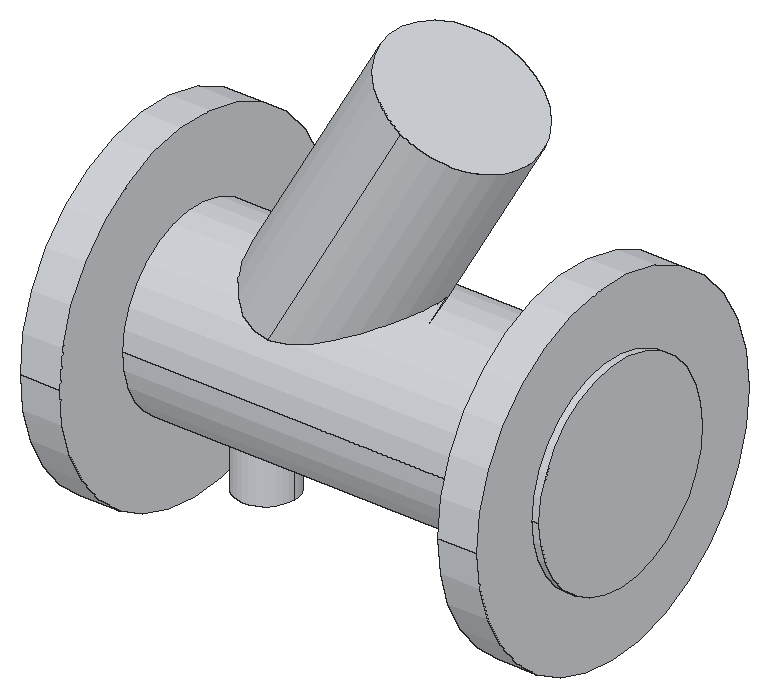
Revit family "HS 821-síto_standard-PN25-DN050-RFA_2019", category Pipe Accessories, Revit 2019
Family settings
  Round Connector Dimension = Use Diameter
  Part Type = Breaks Into
  Work Plane-Based = No
  Always vertical = Yes
  Cut with Voids When Loaded = No
  Shared = No
Parameters (values of type "821D-DN050-PN25-síto_standard")
  magiProductId = "5483b1f596b04cd39b23a14a22c90e"
  magiProductFamilyId = "79214ac3aaa945e397802f559f5c1e"
  magiPartTypeId = 307
  isMeasuringValve [instance] = no
  ang2D [instance] = 0.00°
  ZB__ve = -ZB  # -26.75 mm
  ZB1 = 40.095 mm
  ZB = 26.75 mm
  X2 = 79.061 mm
  X1 = 32.2 mm
  W2D = 15 mm
  VersionID = "2.0/2017.9.26.1/ZETKAMA_821_001"
  Use Minimum Symbol Size [instance] = yes
  URL = "www.hydronic.cz"
  Type Comments = "Filtr přírubový; síto standardní; A-PN16 (-10~300°C); D-PN25 (-10~350°C); F-PN40 (-10~400°C)"
  S = 99 mm
  QmdConnectorList = "301;D;302;D"
  Productdata [instance] = ""
  Manufacturer = "Hydronic Systems Prague s.r.o."
  MC Product Code = "200 250 (821D; DN050; PN25; kvs57,9; oko síta 1,00mm)"
  LM1 = 18.4 mm
  LM = 184 mm
  L4 = 57.5 mm
  L2D_Min = 3048 mm
  L2D = 130 mm
  L2 = 115 mm
  HH2 = 136.938 mm
  FD = 165 mm
  Description = "Filtr přírubový; síto standardní; 821A-PN16; 821D-PN25; 821F-PN40"
  DM1 = 73.8 mm
  DM = 89.1 mm
  D = 50 mm
  CC = 3.91 mm
  CAT0 = yes
  C1 = 19.09 mm
  C = 23 mm
  BD = 28.066 mm
Types (40, lengths in mm): name | magiProductId | ZB__ve | ZB1 | ZB | X2 | X1 | S | MC Product Code | LM1 | LM | L4 | L2 | HH2 | FD | DM1 | DM | D | CC | C1 | C | BD
  821A-DN015-PN16-síto_standard | "a71bcfe8b393460598b23e8ddf7dc5" | -16.25 | 18.63 | 16.25 | 46.982 | 18.2 | 46 | "200 115 (821A; DN015; PN16; kvs6,3; oko síta 1,00mm)" | 10.4 | 104 | 32.5 | 65 | 81.375 | 95 | 27.6 | 41.4 | 15 | 2.21 | 10.79 | 13 | 13.041
  821A-DN020-PN16-síto_standard | "41cd6c7a12924f4991217528336076" | -17.75 | 22.68 | 17.75 | 51.673 | 21 | 56 | "200 120 (821A; DN020; PN16; kvs11,2; oko síta 1,00mm)" | 12 | 120 | 37.5 | 75 | 89.5 | 105 | 33.6 | 50.4 | 20 | 2.55 | 12.45 | 15 | 15.876
  821A-DN025-PN16-síto_standard | "be378b463ed14c3abf4c9b3ae8cf3a" | -19.25 | 26.325 | 19.25 | 58.601 | 22.4 | 65 | "200 125 (821A; DN025; PN16; kvs14,7; oko síta 1,00mm)" | 12.8 | 128 | 40 | 80 | 101.5 | 115 | 43.2 | 58.5 | 25 | 2.72 | 13.28 | 16 | 18.427
  821A-DN032-PN16-síto_standard | "227a0d18b21540afabe8b6067d35fa" | -23 | 30.78 | 23 | 68.849 | 25.2 | 76 | "200 132 (821A; DN032; PN16; kvs23,7; oko síta 1,00mm)" | 14.4 | 144 | 45 | 90 | 119.25 | 140 | 50.4 | 68.4 | 32 | 3.06 | 14.94 | 18 | 21.546
  821A-DN040-PN16-síto_standard | "d106917c74724141a10440112d0102" | -24.5 | 34.02 | 24.5 | 75.777 | 28 | 84 | "200 140 (821A; DN040; PN16; kvs37,7; oko síta 1,00mm)" | 16 | 160 | 50 | 100 | 131.25 | 150 | 60 | 75.6 | 40 | 3.4 | 16.6 | 20 | 23.814
  821A-DN050-PN16-síto_standard | "8255d456a09e4f6486734f5dd9171b" | -26.75 | 40.095 | 26.75 | 79.061 | 32.2 | 99 | "200 150 (821A; DN050 PN16; kvs57,9; oko síta 1,00mm)" | 18.4 | 184 | 57.5 | 115 | 136.938 | 165 | 73.8 | 89.1 | 50 | 3.91 | 19.09 | 23 | 28.066
  821A-DN065-PN16-síto_standard | "235b1b3e4c0843779a4d5e3716d40a" | -29.75 | 47.79 | 29.75 | 86.927 | 40.6 | 118 | "200 165 (821A; DN065; PN16; kvs101,5; oko síta 1,25mm)" | 23.2 | 232 | 72.5 | 145 | 150.562 | 185 | 94.2 | 106.2 | 65 | 4.93 | 24.07 | 29 | 33.453
  821A-DN080-PN16-síto_standard | "a067f7c5236348ed8c820d16df7214" | -32 | 53.46 | 32 | 104.753 | 43.4 | 132 | "200 180 (821A; DN080; PN16; kvs147,4; oko síta 1,25mm)" | 24.8 | 248 | 77.5 | 155 | 181.438 | 200 | 107.4 | 118.8 | 80 | 5.27 | 25.73 | 31 | 37.422
  821A-DN100-PN16-síto_standard | "c49a648c2747461285837d643703cd" | -35 | 63.18 | 35 | 114.857 | 49 | 156 | "200 190 (821A; DN100; PN16; kvs209,6; oko síta 1,60mm)" | 28 | 280 | 87.5 | 175 | 198.937 | 220 | 131.4 | 140.4 | 100 | 5.95 | 29.05 | 35 | 44.226
  821A-DN125-PN16-síto_standard | "bf68e728a163493cbd2a663b26ebdc" | -39.5 | 74.52 | 39.5 | 131.888 | 56 | 184 | "200 191 (821A; DN125; PN16; kvs326,2; oko síta 1,60mm)" | 32 | 320 | 100 | 200 | 228.438 | 250 | 165 | 165.6 | 125 | 6.8 | 33.2 | 40 | 52.164
  821A-DN150-PN16-síto_standard | "2de770284b654863ae6bc865769dc5" | -44.75 | 85.455 | 44.75 | 155.885 | 67.2 | 211 | "200 192 (821A; DN150; PN16; kvs403; oko síta 1,60mm)" | 38.4 | 384 | 120 | 240 | 270 | 285 | 192 | 189.9 | 150 | 8.16 | 39.84 | 48 | 59.818
  821A-DN200-PN16-síto_standard | "8e5693371ab64aabb29a7f08c76e15" | -53 | 107.73 | 53 | 188.361 | 84 | 266 | "200 193 (821A; DN200; PN16; kvs707; oko síta 1,60mm)" | 48 | 480 | 150 | 300 | 326.25 | 340 | 252 | 239.4 | 200 | 10.2 | 49.8 | 60 | 75.411
  821A-DN250-PN16-síto_standard | "05e37ed948c34047acdd4c42556504" | -62.75 | 129.195 | 62.75 | 255.911 | 102.2 | 319 | "200 194 (821A; DN250; PN16; kvs1234; oko síta 1,60mm)" | 58.4 | 584 | 182.5 | 365 | 443.25 | 405 | 309.6 | 287.1 | 250 | 12.41 | 60.59 | 73 | 90.436
  821A-DN300-PN16-síto_standard | "9ad0af747269428da925480d83ce80" | -71 | 149.85 | 71 | 325.914 | 119 | 370 | "200 195 (821A; DN300; PN16; kvs1916; oko síta 1,60mm)" | 68 | 680 | 212.5 | 425 | 564.5 | 460 | 369.6 | 333 | 300 | 14.45 | 70.55 | 85 | 104.895
  821A-DN350-PN16-síto_standard | "eebc71459bb3451bb4355e7951370a" | -80 | 173.745 | 80 | 356.875 | 137.2 | 429 | "200 196 (821A; DN350; PN16; kvs2621; oko síta 1,60mm)" | 78.4 | 784 | 245 | 490 | 618.125 | 520 | 438 | 386.1 | 350 | 16.66 | 81.34 | 98 | 121.621
  821A-DN400-PN16-síto_standard | "d2f677cb196647e385b2590e7d8abe" | -89 | 194.4 | 89 | 392.237 | 154 | 480 | "200 197 (821A; DN400; PN16; kvs3460; oko síta 1,60mm)" | 88 | 880 | 275 | 550 | 679.375 | 580 | 498 | 432 | 400 | 18.7 | 91.3 | 110 | 136.08
  821D-DN015-PN25-síto_standard | "27ddcbf555414f8ca1fde329bf9087" | -16.25 | 18.63 | 16.25 | 46.982 | 18.2 | 46 | "200 215 (821D; DN015; PN25; kvs6,3; oko síta 1,00mm)" | 10.4 | 104 | 32.5 | 65 | 81.375 | 95 | 27.6 | 41.4 | 15 | 2.21 | 10.79 | 13 | 13.041
  821D-DN020-PN25-síto_standard | "270e0f14012f47189cd0235c18faee" | -17.75 | 22.68 | 17.75 | 51.673 | 21 | 56 | "200 220 (821D; DN020; PN25; kvs11,2; oko síta 1,00mm)" | 12 | 120 | 37.5 | 75 | 89.5 | 105 | 33.6 | 50.4 | 20 | 2.55 | 12.45 | 15 | 15.876
  821D-DN025-PN25-síto_standard | "b9a7fb4aa36643878c637d8e1ab992" | -19.25 | 26.325 | 19.25 | 58.601 | 22.4 | 65 | "200 225 (821D; DN025; PN25; kvs14,7; oko síta 1,00mm)" | 12.8 | 128 | 40 | 80 | 101.5 | 115 | 43.2 | 58.5 | 25 | 2.72 | 13.28 | 16 | 18.427
  821D-DN032-PN25-síto_standard | "6be9a55c4e68400f94eec7e804204c" | -23 | 30.78 | 23 | 68.849 | 25.2 | 76 | "200 232 (821D; DN032; PN25; kvs23,7; oko síta 1,00mm)" | 14.4 | 144 | 45 | 90 | 119.25 | 140 | 50.4 | 68.4 | 32 | 3.06 | 14.94 | 18 | 21.546
  821D-DN040-PN25-síto_standard | "c54511bd7f584ec2984291479612cb" | -24.5 | 34.02 | 24.5 | 75.777 | 28 | 84 | "200 240 (821D; DN040; PN25; kvs37,7; oko síta 1,00mm)" | 16 | 160 | 50 | 100 | 131.25 | 150 | 60 | 75.6 | 40 | 3.4 | 16.6 | 20 | 23.814
  821D-DN050-PN25-síto_standard | "5483b1f596b04cd39b23a14a22c90e" | -26.75 | 40.095 | 26.75 | 79.061 | 32.2 | 99 | "200 250 (821D; DN050; PN25; kvs57,9; oko síta 1,00mm)" | 18.4 | 184 | 57.5 | 115 | 136.938 | 165 | 73.8 | 89.1 | 50 | 3.91 | 19.09 | 23 | 28.066
  821D-DN065-PN25-síto_standard | "767b0f8318e94750bc7a9930ed5b30" | -29.75 | 47.79 | 29.75 | 86.927 | 40.6 | 118 | "200 265 (821D; DN065; PN25; kvs101,5; oko síta 1,25mm)" | 23.2 | 232 | 72.5 | 145 | 150.562 | 185 | 94.2 | 106.2 | 65 | 4.93 | 24.07 | 29 | 33.453
  821D-DN080-PN25-síto_standard | "e21040fa3cc2404b858198f6b73709" | -32 | 53.46 | 32 | 104.753 | 43.4 | 132 | "200 280 (821D; DN080; PN25; kvs147,4; oko síta 1,25mm)" | 24.8 | 248 | 77.5 | 155 | 181.438 | 200 | 107.4 | 118.8 | 80 | 5.27 | 25.73 | 31 | 37.422
  821D-DN100-PN25-síto_standard | "175ca87a506b40b3bc6b82f12f33cf" | -37.25 | 63.18 | 37.25 | 114.857 | 49 | 156 | "200 290 (821D; DN100; PN25; kvs209,6; oko síta 1,60mm)" | 28 | 280 | 87.5 | 175 | 198.937 | 235 | 131.4 | 140.4 | 100 | 5.95 | 29.05 | 35 | 44.226
  821D-DN125-PN25-síto_standard | "77cc98d60da24855999a22dff726b2" | -42.5 | 74.52 | 42.5 | 131.888 | 56 | 184 | "200 291 (821D; DN125; PN25; kvs326,2; oko síta 1,60mm)" | 32 | 320 | 100 | 200 | 228.438 | 270 | 165 | 165.6 | 125 | 6.8 | 33.2 | 40 | 52.164
  821D-DN150-PN25-síto_standard | "9cf8acfcd15547d68e83172d3abcbe" | -47 | 85.455 | 47 | 155.885 | 67.2 | 211 | "200 292 (821D; DN150; PN25; kvs403; oko síta 1,60mm)" | 38.4 | 384 | 120 | 240 | 270 | 300 | 192 | 189.9 | 150 | 8.16 | 39.84 | 48 | 59.818
  821D-DN200-PN25-síto_standard | "16973f3c9ea14389ba8602495a6b64" | -56 | 110.97 | 56 | 188.361 | 84 | 274 | "200 293 (821D; DN200; PN25; kvs707; oko síta 1,60mm)" | 48 | 480 | 150 | 300 | 326.25 | 360 | 252 | 246.6 | 200 | 10.2 | 49.8 | 60 | 77.679
  821F-DN015-PN40-síto_standard | "4c7eaf3c4c0340888b3e684d8a8616" | -16.25 | 18.225 | 16.25 | 46.982 | 18.2 | 45 | "240 615 (821F; DN015; PN40; kvs6,3; oko síta 1,00mm)" | 10.4 | 104 | 32.5 | 65 | 81.375 | 95 | 27.6 | 40.5 | 15 | 2.21 | 10.79 | 13 | 12.757
  821F-DN020-PN40-síto_standard | "aaac5f1ec96b44d6ba96ac2293d66d" | -17.75 | 23.49 | 17.75 | 51.673 | 21 | 58 | "240 620 (821F; DN020; PN40; kvs11,2; oko síta 1,00mm)" | 12 | 120 | 37.5 | 75 | 89.5 | 105 | 33.6 | 52.2 | 20 | 2.55 | 12.45 | 15 | 16.443
  821F-DN025-PN40-síto_standard | "504768023968471481789485b54c7e" | -19.25 | 27.54 | 19.25 | 58.601 | 22.4 | 68 | "240 625 (821F; DN025; PN40; kvs14,7; oko síta 1,00mm)" | 12.8 | 128 | 40 | 80 | 101.5 | 115 | 43.2 | 61.2 | 25 | 2.72 | 13.28 | 16 | 19.278
  821F-DN032-PN40-síto_standard | "165e7f39cf744f329bdf1c400dad12" | -23 | 31.59 | 23 | 68.849 | 25.2 | 78 | "240 632 (821F; DN032; PN40; kvs23,7; oko síta 1,00mm)" | 14.4 | 144 | 45 | 90 | 119.25 | 140 | 50.4 | 70.2 | 32 | 3.06 | 14.94 | 18 | 22.113
  821F-DN040-PN40-síto_standard | "b8903f952089408fbf3a5a632bab1f" | -24.5 | 35.64 | 24.5 | 75.777 | 28 | 88 | "240 640 (821F; DN040; PN40; kvs37,7; oko síta 1,00mm)" | 16 | 160 | 50 | 100 | 131.25 | 150 | 60 | 79.2 | 40 | 3.4 | 16.6 | 20 | 24.948
  821F-DN050-PN40-síto_standard | "c451f97266fe48da8f879cb6a2bd44" | -26.75 | 41.31 | 26.75 | 79.061 | 32.2 | 102 | "240 650 (821F; DN050; PN40; kvs57,9; oko síta 1,00mm)" | 18.4 | 184 | 57.5 | 115 | 136.938 | 165 | 73.8 | 91.8 | 50 | 3.91 | 19.09 | 23 | 28.917
  821F-DN065-PN40-síto_standard | "dc9821e3f9b34e128f6a8c6b34c198" | -29.75 | 49.41 | 29.75 | 86.927 | 40.6 | 122 | "240 665 (821F; DN065; PN40; kvs101,5; oko síta 1,25mm)" | 23.2 | 232 | 72.5 | 145 | 150.562 | 185 | 94.2 | 109.8 | 65 | 4.93 | 24.07 | 29 | 34.587
  821F-DN080-PN40-síto_standard | "689aa1e260f84cf4994f027a1d86b5" | -32 | 55.89 | 32 | 104.753 | 43.4 | 138 | "240 680 (821F; DN080; PN40; kvs147,4; oko síta 1,25mm)" | 24.8 | 248 | 77.5 | 155 | 181.438 | 200 | 107.4 | 124.2 | 80 | 5.27 | 25.73 | 31 | 39.123
  821F-DN100-PN40-síto_standard | "8a45d4e8e2ab425f8c432f21d684f3" | -37.25 | 65.61 | 37.25 | 114.857 | 49 | 162 | "240 690 (821F; DN100; PN40; kvs209,6; oko síta 1,6mm)" | 28 | 280 | 87.5 | 175 | 198.937 | 235 | 131.4 | 145.8 | 100 | 5.95 | 29.05 | 35 | 45.927
  821F-DN125-PN40-síto_standard | "cf073904c006406b8645afa67ea2fc" | -42.5 | 76.14 | 42.5 | 131.888 | 56 | 188 | "240 691 (821F; DN125; PN40; kvs326,2; oko síta 1,6mm)" | 32 | 320 | 100 | 200 | 228.438 | 270 | 165 | 169.2 | 125 | 6.8 | 33.2 | 40 | 53.298
  821F-DN150-PN40-síto_standard | "0153b9ddabe14992a630484929fdbc" | -47 | 88.29 | 47 | 155.885 | 67.2 | 218 | "240 692 (821F; DN150; PN40; kvs403; oko síta 1,6mm)" | 38.4 | 384 | 120 | 240 | 270 | 300 | 192 | 196.2 | 150 | 8.16 | 39.84 | 48 | 61.803
  821F-DN200-PN40-síto_standard | "7fb3fc01dd8d42428c203e3f8dd4d5" | -56 | 115.425 | 56 | 188.361 | 84 | 285 | "240 693 (821F; DN200; PN40; kvs707; oko síta 1,6mm)" | 48 | 480 | 150 | 300 | 326.25 | 360 | 252 | 256.5 | 200 | 10.2 | 49.8 | 60 | 80.797
Reference planes
  plane 1 "Center (Front/Back)": y = 0
  plane 2 "XYPLANE": z = 0
  plane 3 "Center (Left/Right)": x = 0
  plane 4 "109": x = -73.6
  plane 5 "108": x = 92
  plane 6 "107": x = -92
  plane 7 "105": x = 115
  plane 8 "104": x = -115
  plane 9 "103": y = 0
  plane 10 "102": z = 0
  plane 11 "101": x = -111.09
  plane 12 "100": x = 111.09
  plane 13 "11": x = -41.4
  plane 14 "10": z = 136.938
  plane 15 "9": x = 37.661
  plane 16 "5": z = -40.095
  plane 17 "4": x = -57.5
  plane 18 "1": x = 57.5
Forms (mm)
  Extrusion 1, solid, visible <- "CAT0"
    sketch origin (-92, -750, 0) x (0, 1, 0) y (0, 0, 1)
      loop
        circle (750, 0) r 44.55
    from 0 to 184 <- "LM"
  Extrusion 2, solid
    sketch origin (-115, -750, 0) x (0, 1, 0) y (0, 0, 1)
      loop
        circle (750, 0) r 49.5
    from 0 to 3.91 <- "CC"
  Extrusion 3, solid
    sketch origin (-111.09, -750, 0) x (0, 1, 0) y (0, 0, 1)
      loop
        circle (750, 0) r 82.5
    from 0 to 19.09 <- "C1"
  Extrusion 4, solid
    sketch origin (92, -750, 0) x (0, 1, 0) y (0, 0, 1)
      loop
        circle (750, 0) r 82.5
    from 0 to 19.09 <- "C1"
  Extrusion 5, solid
    sketch origin (111.09, -750, 0) x (0, 1, 0) y (0, 0, 1)
      loop
        circle (750, 0) r 49.5
    from 0 to 3.91 <- "CC"
  Sweep 6, solid, visible <- "CAT0"
    path origin (750, 0, 0) x (-1, 0, 0) y (0, 0, 1)
      loop
        line (842, 0) -> (791.4, 0) -> (712.339, 136.938)
    profile origin (-92, 0, 0) x (0, 0, -1) y (0, 1, 0)
      loop
        circle (0, 0) r 36.9
  Extrusion 7, solid, visible <- "CAT0"
    sketch origin (-750, 0, -40.095) x (1, 0, 0) y (0, 1, 0)
      loop
        circle (692.5, 0) r 14.033
    from 0 to -26.75 <- "ZB__ve"
  Extrusion 8, solid, visible <- "CAT0"
    sketch origin (-750, 0, -40.095) x (1, 0, 0) y (0, 1, 0)
      loop
        circle (807.5, 0) r 14.033
    from 0 to -26.75 <- "ZB__ve"
  Extrusion 9, solid, not visible
    sketch origin (115, -750, 0) x (0, 1, 0) y (0, 0, 1)
      loop
        circle (750, 0) r 10
    from 0 to -10
  Extrusion 10, solid, not visible
    sketch origin (-115, -750, 0) x (0, 1, 0) y (0, 0, 1)
      loop
        circle (750, 0) r 10
    from 0 to 10
Lines and regions (mm)
  reference lines, not visible
    curve 1: circle (2, 2, 0) r 1 normal (0, 0, 1)
Dimensions and locks
  plane 1 "Center (Front/Back)" to curve 1 = 2 mm
  "LM1": plane 6 "107" to plane 4 "109"
  "LM": plane 6 "107" to plane 5 "108"
  "C": plane 8 "104" to plane 6 "107"
  "L2": plane 3 "Center (Left/Right)" to plane 7 "105"
  "L2": plane 3 "Center (Left/Right)" to plane 8 "104"
  locked: plane 1 "Center (Front/Back)" to plane 9 "103"
  locked: plane 2 "XYPLANE" to plane 10 "102"
  "CC": plane 8 "104" to plane 11 "101"
  "C1": plane 5 "108" to plane 12 "100"
  "X1": plane 4 "109" to plane 13 "11"
  "HH2": plane 2 "XYPLANE" to plane 14 "10"
  "X2": plane 13 "11" to plane 15 "9"
  "ZB1": plane 2 "XYPLANE" to plane 16 "5"
  "L4": plane 8 "104" to plane 17 "4"
  "L2": plane 17 "4" to plane 18 "1"
  Sweep 6 sketch curve to Sweep 6 sketch curve = 0 mm  (x2)
  "DM": diameter of Extrusion 1 sketch curve
  "S": diameter of Extrusion 2 sketch curve
  "FD": diameter of Extrusion 3 sketch curve
  "FD": diameter of Extrusion 4 sketch curve
  "S": diameter of Extrusion 5 sketch curve
  "DM1": diameter of Sweep 6 sketch curve
  "BD": diameter of Extrusion 7 sketch curve
  "BD": diameter of Extrusion 8 sketch curve
  aligned and locked: level to plane 2 "XYPLANE"
  aligned and locked: Extrusion 1 sketch curve to plane 9 "103"
  aligned and locked: plane 10 "102" to Extrusion 1 sketch curve
  aligned and locked: Extrusion 2 sketch curve to plane 9 "103"
  aligned and locked: plane 10 "102" to Extrusion 2 sketch curve
  aligned and locked: Extrusion 3 sketch curve to plane 9 "103"
  aligned and locked: plane 10 "102" to Extrusion 3 sketch curve
  aligned and locked: Extrusion 4 sketch curve to plane 9 "103"
  aligned and locked: plane 10 "102" to Extrusion 4 sketch curve
  aligned and locked: Extrusion 5 sketch curve to plane 9 "103"
  aligned and locked: plane 10 "102" to Extrusion 5 sketch curve
  aligned and locked: Sweep 6 sketch curve to plane 9 "103"
  aligned and locked: plane 10 "102" to Sweep 6 sketch curve  (x3)
  aligned and locked: plane 6 "107" to Sweep 6 sketch curve
  aligned and locked: plane 13 "11" to Sweep 6 sketch curve
  aligned and locked: plane 14 "10" to Sweep 6 sketch curve
  aligned and locked: plane 15 "9" to Sweep 6 sketch curve
  aligned and locked: plane 9 "103" to Extrusion 7 sketch curve
  aligned and locked: plane 17 "4" to Extrusion 7 sketch curve
  aligned and locked: plane 9 "103" to Extrusion 8 sketch curve
  aligned and locked: plane 18 "1" to Extrusion 8 sketch curve
  aligned and locked: Extrusion 9 sketch curve to plane 9 "103"
  aligned and locked: plane 10 "102" to Extrusion 9 sketch curve
  aligned and locked: Extrusion 10 sketch curve to plane 9 "103"
  aligned and locked: plane 10 "102" to Extrusion 10 sketch curve
Automatic sketch dimensions
  plane 1 "Center (Front/Back)" to Extrusion 9 sketch curve = 10 mm
  plane 1 "Center (Front/Back)" to Extrusion 10 sketch curve = 10 mm
  plane 3 "Center (Left/Right)" to curve 1 = 2 mm
  radius of curve 1 = 1 mm
Connectors
  piping at (-115, 0, 0), diameter 50, driven by "D"
    settings: on Extrusion 10, index 1, connector inside diameter 609.6 mm, connector length 0 mm, flow factor 0, pipe flow 0.0 L/s, pressure drop 0.0 Pa, fitting loss kfactor 0, connector angle 0.00°, fixture units 0, engagement length 0 mm, angle of deflection 0.00°, flow configuration 0, flow direction 0, fitting loss method 0, system type 29, joint type 0, gender type 0, connector reference index 2, connector utility 0, adjustable connector no, is connector primary yes, connector description ""
  piping at (115, 0, 0), diameter 50, driven by "D"
    settings: on Extrusion 9, index 2, connector inside diameter 609.6 mm, connector length 0 mm, flow factor 0, pipe flow 0.0 L/s, pressure drop 0.0 Pa, fitting loss kfactor 0, connector angle 0.00°, fixture units 0, engagement length 0 mm, angle of deflection 0.00°, flow configuration 0, flow direction 0, fitting loss method 0, system type 29, joint type 0, gender type 0, connector reference index 1, connector utility 0, adjustable connector no, is connector primary no, connector description ""
